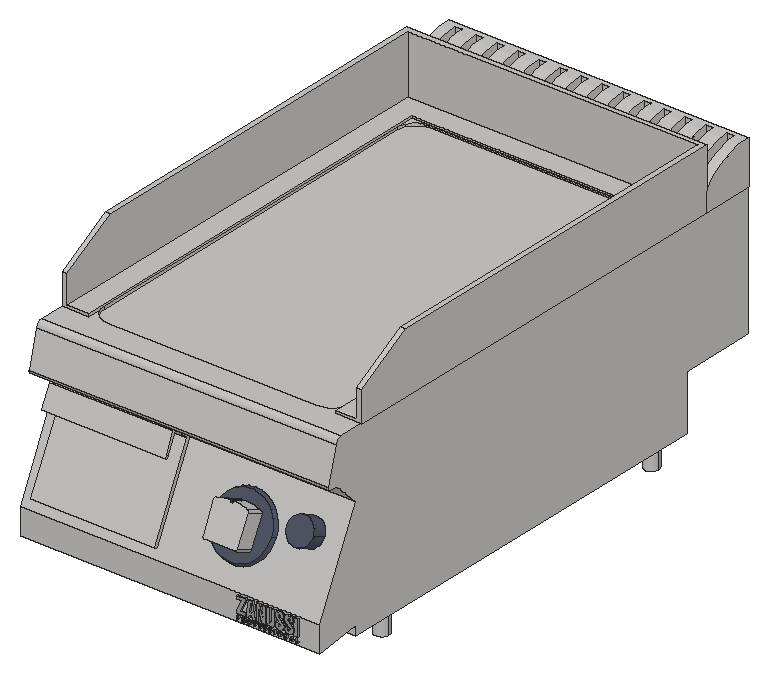
Revit family "QF_ZANUSSI_372320_Z7IIKAAOMCA", category Specialty Equipment, Revit 2018
Family settings
  Round Connector Dimension = Use Diameter
  Part Type = Normal
  Work Plane-Based = No
  Always vertical = Yes
  Cut with Voids When Loaded = No
  Shared = No
  Room Calculation Point = No
Parameters (values of type "Standard")
  Weight = 40.00 kg
  Watts = 0 W
  Volts = 0 V
  URL Manufacturer = "http://www.zanussiprofessional.com"
  URL = "http://www.zanussiprofessional.com"
  Steam Supply Size = 0"
  Steam Supply Minimum Pressure = 0.00 psi
  Steam Supply Maximum Pressure = 0.00 psi
  Steam Pounds per Hour = 0
  Show Logo [instance] = yes
  Show Clearance [instance] = yes
  Refrigeration Suction Line Size = 0"
  Refrigeration Liquid Line Size = 0"
  Refrigerant Compressor Remote = yes
  Phase = 0
  Model = "Z7IIKAAOMCA"
  Manufacturer = "Zanussi"
  Length Actual = 400.00 mm  # constant formula
  Item Number = "372320"
  Hot Water Size = 0"
  Height Actual = 250.00 mm  # constant formula
  HP = "0 HP"
  Gas Size = 1/2"
  Gas KW = 7
  Gas Input Pressure = 0.234579 Btu/h
  Direct Waste Size = 0"
  Description = "GAS FRY TOP-SMOOTH PLATE 400MM-BRUSHED CHROME"
  Depth Actual = 700.00 mm  # constant formula
  Cycle = 0 Hz
  Condensate Return Size = 0"
  Compressed Air Volume = 0 GPM
  Compressed Air Size = 0"
  Compressed Air Pressure = 0.00 psi
  Cold Water Size = 0"
  Assembly Code = ""
  Accessory = yes
Reference planes
  plane 1 "BACK": y = 0
  plane 2: z = 0
  plane 3 "LEFT": x = 0
  plane 4 "RIGHT": x = 400
  plane 5 "FRONT": y = -715
  plane 6 "TOP": z = 288.925
  plane 7 "Center Y": x = 200
  plane 8 "Center X": y = -357.5
  plane 9 "BASE": z = 24
  plane 10 "TOP A": z = 274
  plane 11: y = -597.884
  plane 12: y = -147.637
  plane 13: z = 355
  plane 14: through (-6096, -715, 65.146) normal (0, 0.8956, -0.4448)
  plane 15 "panel": through (-6096, -655.161, 185.641) normal (0, -0.8956, 0.4448)
  plane 16: z = 900
  plane 17 "2": z = 650
  plane 18 "3": z = 900
  plane 19: z = 981
Forms (mm)
  Extrusion 1, solid, material "QF_Finishes_Stainless Steel"
    sketch origin (0, 0, 626) x (0, 1, 0) y (0, 0, 1)
      loop
        line (0, 98) -> (0, 274) -> (-679.358, 274)
        arc (-679.358, 274) -> (-684.643, 271.811) -> (-686.833, 266.526) r 7.474
        line (-686.833, 266.526) -> (-699.884, 221.011)
        arc (-699.884, 221.011) -> (-699.396, 218.379) -> (-697, 217.184) r 3
        line (-697, 217.184) -> (-686.802, 217.184) -> (-654.982, 185.364) -> (-715, 64.508) -> (-715, 29.508) -> (-658.645, 37.428)
        arc (-658.645, 37.428) -> (-656.101, 36.674) -> (-655, 34.259) r 3.2
        line (-655, 34.259) -> (-655, 24) -> (-103, 24) -> (-103, 98) -> (0, 98)
    from 0 to 400
  Extrusion 2, void
    sketch origin (0, -2.381, 900) x (-1, 0, 0) y (0, -1, 0)
      loop
        arc (-60.425, 102.504) -> (-42.464, 109.943) -> (-35.025, 127.904) r 25.4
        line (-35.025, 127.904) -> (-35.025, 617.104)
        arc (-35.025, 617.104) -> (-42.464, 635.064) -> (-60.425, 642.504) r 25.4
        line (-60.425, 642.504) -> (-339.575, 642.504)
        arc (-339.575, 642.504) -> (-357.536, 635.064) -> (-364.975, 617.104) r 25.4
        line (-364.975, 617.104) -> (-364.975, 127.904)
        arc (-364.975, 127.904) -> (-357.536, 109.943) -> (-339.575, 102.504) r 25.4
        line (-339.575, 102.504) -> (-60.425, 102.504)
    from 0 to -3.2
  Extrusion 3, solid, material "QF_Finishes_Stainless Steel"
    sketch origin (0, 0, 626) x (1, 0, 0) y (0, 1, 0)
      loop
        circle (11.112, -147.638) r 9.525
      loop
        circle (11.112, -597.884) r 9.525
      loop
        circle (388.887, -147.638) r 9.525
      loop
        circle (388.887, -597.884) r 9.525
    from 0 to 24
  Extrusion 4, solid, material "QF_Finishes_Clearance", visible <- "Show Clearance", detail levels coarse
    sketch origin (0, 0, 626) x (1, 0, 0) y (0, 1, 0)
      loop
        line (0, -715) -> (0, 0) -> (400, 0) -> (400, -715) -> (550.019, -715) -> (550.019, 150.019) -> (-150.019, 150.019) -> (-150.019, -715) -> (0, -715)
    from 0 to 355
  Extrusion 5, solid, material "QF_Finishes_Stainless Steel"
    sketch origin (0, -14.311, 626) x (0, 1, 0) y (0, 0, 1)
      loop
        line (-640.85, 185.828) -> (-659.988, 204.966)
        arc (-659.988, 204.966) -> (-664.455, 206.368) -> (-668.159, 203.504) r 5.058
        line (-668.159, 203.504) -> (-680.821, 175.994) -> (-677.937, 174.666) -> (-665.275, 202.176)
        arc (-665.275, 202.176) -> (-663.896, 203.243) -> (-662.233, 202.721) r 1.883
        line (-662.233, 202.721) -> (-644.727, 185.215) -> (-698.248, 77.444) -> (-695.339, 76.105) -> (-640.85, 185.828)
    from 12.7 to 177.8
  Extrusion 6, solid, material "QF_Finishes_Drawer Clearance", visible <- "Show Clearance", detail levels coarse
    sketch origin (0, -115.911, 626) x (0, 1, 0) y (0, 0, 1)
      loop
        line (-662.903, 76.105) -> (-593.739, 76.105) -> (-539.25, 185.828) -> (-558.388, 204.966)
        arc (-558.388, 204.966) -> (-560.449, 206.215) -> (-562.855, 206.368) r 5.058
        line (-562.855, 206.368) -> (-632.019, 206.368)
        arc (-632.019, 206.368) -> (-634.222, 205.39) -> (-635.723, 203.504) r 5.058
        line (-635.723, 203.504) -> (-648.385, 175.994) -> (-645.501, 174.666) -> (-632.839, 202.176)
        arc (-632.839, 202.176) -> (-631.46, 203.243) -> (-629.796, 202.721) r 1.883
        line (-629.796, 202.721) -> (-612.291, 185.215) -> (-665.811, 77.444) -> (-662.903, 76.105)
    from 12.7 to 177.8
  Extrusion 7, solid, material "QF_Finishes_Stainless Steel"
    sketch origin (0, 0, 626) x (0, 1, 0) y (0, 0, 1)
      loop
        line (0, 274) -> (0, 333.13)
        arc (0, 333.13) -> (-38.824, 324.814) -> (-69.85, 300.038) r 86.548
        line (-69.85, 300.038) -> (-69.85, 274) -> (0, 274)
    from 0 to 400.05
  Extrusion 8, void
    sketch origin (0, 0, 900.638) x (-1, 0, 0) y (0, -1, 0)
      loop
        line (-13.453, 6.761) -> (-13.453, 63.911) -> (-22.749, 63.911) -> (-22.749, 6.761) -> (-13.453, 6.761)
    from 25.4 to 63.5
  Extrusion 9, void
    sketch origin (400.05, 0, 900.638) x (1, 0, 0) y (0, 1, 0)
      loop
        line (-13.503, -6.761) -> (-22.799, -6.761) -> (-22.799, -63.911) -> (-13.503, -63.911) -> (-13.503, -6.761)
    from 25.4 to 63.5
  Extrusion 10, void
    sketch origin (27.988, 0, 900.638) x (-1, 0, 0) y (0, -1, 0)
      loop
        line (-13.453, 6.761) -> (-13.453, 63.911) -> (-22.749, 63.911) -> (-22.749, 6.761) -> (-13.453, 6.761)
    from 25.4 to 63.5
  Extrusion 11, void
    sketch origin (55.977, 0, 900.638) x (-1, 0, 0) y (0, -1, 0)
      loop
        line (-13.453, 6.761) -> (-13.453, 63.911) -> (-22.749, 63.911) -> (-22.749, 6.761) -> (-13.453, 6.761)
    from 25.4 to 63.5
  Extrusion 12, void
    sketch origin (83.965, 0, 900.638) x (-1, 0, 0) y (0, -1, 0)
      loop
        line (-13.428, 6.761) -> (-13.428, 63.911) -> (-22.724, 63.911) -> (-22.724, 6.761) -> (-13.428, 6.761)
    from 25.4 to 63.5
  Extrusion 13, void
    sketch origin (111.953, 0, 900.638) x (-1, 0, 0) y (0, -1, 0)
      loop
        line (-13.428, 6.761) -> (-13.428, 63.911) -> (-22.724, 63.911) -> (-22.724, 6.761) -> (-13.428, 6.761)
    from 25.4 to 63.5
  Extrusion 14, void
    sketch origin (139.942, 0, 900.638) x (-1, 0, 0) y (0, -1, 0)
      loop
        line (-13.428, 6.761) -> (-13.428, 63.911) -> (-22.724, 63.911) -> (-22.724, 6.761) -> (-13.428, 6.761)
    from 25.4 to 63.5
  Extrusion 15, void
    sketch origin (167.93, 0, 900.638) x (-1, 0, 0) y (0, -1, 0)
      loop
        line (-13.428, 6.761) -> (-13.428, 63.911) -> (-22.724, 63.911) -> (-22.724, 6.761) -> (-13.428, 6.761)
    from 25.4 to 63.5
  Extrusion 16, void
    sketch origin (195.918, 0, 900.638) x (-1, 0, 0) y (0, -1, 0)
      loop
        line (-13.428, 6.761) -> (-13.428, 63.911) -> (-22.724, 63.911) -> (-22.724, 6.761) -> (-13.428, 6.761)
    from 25.4 to 63.5
  Extrusion 17, void
    sketch origin (223.907, 0, 900.638) x (-1, 0, 0) y (0, -1, 0)
      loop
        line (-13.428, 6.761) -> (-13.428, 63.911) -> (-22.724, 63.911) -> (-22.724, 6.761) -> (-13.428, 6.761)
    from 25.4 to 63.5
  Extrusion 18, void
    sketch origin (251.895, 0, 900.638) x (-1, 0, 0) y (0, -1, 0)
      loop
        line (-13.428, 6.761) -> (-13.428, 63.911) -> (-22.724, 63.911) -> (-22.724, 6.761) -> (-13.428, 6.761)
    from 25.4 to 63.5
  Extrusion 19, void
    sketch origin (279.884, 0, 900.638) x (-1, 0, 0) y (0, -1, 0)
      loop
        line (-13.403, 6.761) -> (-13.403, 63.911) -> (-22.699, 63.911) -> (-22.699, 6.761) -> (-13.403, 6.761)
    from 25.4 to 63.5
  Extrusion 20, void
    sketch origin (307.872, 0, 900.638) x (-1, 0, 0) y (0, -1, 0)
      loop
        line (-13.403, 6.761) -> (-13.403, 63.911) -> (-22.699, 63.911) -> (-22.699, 6.761) -> (-13.403, 6.761)
    from 25.4 to 63.5
  Extrusion 21, void
    sketch origin (335.86, 0, 900.638) x (-1, 0, 0) y (0, -1, 0)
      loop
        line (-13.403, 6.761) -> (-13.403, 63.911) -> (-22.699, 63.911) -> (-22.699, 6.761) -> (-13.403, 6.761)
    from 25.4 to 63.5
  Sweep 22, solid, material "QF_Finishes_Stainless Steel"
    path origin (0, -2.381, 900) x (-1, 0, 0) y (0, -1, 0)
      loop
        line (-364.975, 642.504) -> (-364.975, 102.504) -> (-35.025, 102.504) -> (-35.025, 642.504)
    profile origin (35.025, -374.885, 900) x (1, 0, 0) y (0, 0, 1)
      loop
        line (-35.025, 0) -> (0, 0) -> (0, 3.175) -> (-28.675, 3.175) -> (-28.675, 81) -> (-35.025, 81) -> (-35.025, 0)
  Extrusion 23, void
    sketch origin (0, -69.86, 900) x (0, 1, 0) y (0, 0, 1)
      loop
        line (-575.025, 40.481) -> (-501.995, 81) -> (-575.025, 81) -> (-575.025, 40.481)
    from 0 to 6.35
  Extrusion 24, void
    sketch origin (400, -644.885, 900) x (0, -1, 0) y (0, 0, 1)
      loop
        line (0, 40.481) -> (0, 81) -> (-73.03, 81) -> (0, 40.481)
    from 0 to 6.35
  Extrusion 25, solid, material "QF_Plastic-Black-Matte"
    sketch origin (217.55, -684.991, 751.574) x (0, 0.444781, 0.895639) y (0, 0.895639, -0.444781)
      loop
        line (26.984, -34) -> (23.984, -34) -> (23.984, -35) -> (26.984, -35)
        arc (26.984, -35) -> (27.691, -34.707) -> (27.984, -34) r 1
        line (27.984, -34) -> (27.984, -19) -> (26.984, -19) -> (26.984, -34)
    from -58.5 to -56.5
  Extrusion 26, solid, material "QF_Finishes_Stainless Steel"
    sketch origin (275.05, -684.991, 751.574) x (-1, 0, 0) y (0, -0.444781, -0.895639)
      loop
        line (17.55, -17.5) -> (17.55, 17.5) -> (-17.45, 17.5) -> (-17.45, -17.5) -> (17.55, -17.5)
    from 5 to 10
  Blend 27, solid, material "QF_Finishes_Navy Blue"
    base sketch origin (275.05, -684.991, 751.574) x (1, 0, 0) y (0, 0.444781, 0.895639)
      loop
        circle (-0.05, 0) r 42.5
    top sketch origin (275.05, -684.991, 751.574) x (1, 0, 0) y (0, 0.444781, 0.895639)
      loop
        circle (-0.05, 0) r 40.5
    from 0 to 5
  Extrusion 28, solid, material "QF_Finishes_Stainless Steel"
    sketch origin (275.05, -684.991, 751.574) x (-1, 0, 0) y (0, -0.444781, -0.895639)
      loop
        arc (-21.097, -22.789) -> (0.05, -26.984) -> (21.197, -22.789) r 55.4
        arc (21.197, -22.789) -> (22.544, -21.685) -> (23.05, -20.019) r 2.997
        line (23.05, -20.019) -> (23.05, 20.019)
        arc (23.05, 20.019) -> (22.172, 22.138) -> (20.053, 23.016) r 2.997
        line (20.053, 23.016) -> (-19.953, 23.016)
        arc (-19.953, 23.016) -> (-22.072, 22.138) -> (-22.95, 20.019) r 2.997
        line (-22.95, 20.019) -> (-22.95, -20.019)
        arc (-22.95, -20.019) -> (-22.444, -21.685) -> (-21.097, -22.789) r 2.997
    from 10 to 34
  Extrusion 29, solid, material "QF_Finishes_Navy Blue"
    sketch origin (414.051, -676.095, 769.486) x (1, 0, 0) y (0, 0.444781, 0.895639)
      loop
        circle (-55.051, 0) r 18
    from 3 to 23
  Extrusion 30, solid, material "QF_Finishes_Stainless Steel"
    sketch origin (275.05, -676.095, 769.486) x (1, 0, 0) y (0, 0.444781, 0.895639)
      loop
        circle (83.95, 0) r 15
    from 3 to 0
  Extrusion 31, solid, material "QF_Finishes_Stainless Steel"
    sketch origin (0, -101.6, 727.6) x (0, 0, -1) y (-1, 0, 0)
      loop
        circle (43.694, -347.613) r 6.35
    from -1.4 to 3.175
Cuts and joins
  Extrusion 2 cuts Extrusion 1
  Extrusion 8, Extrusion 9, Extrusion 10, Extrusion 11, Extrusion 12, Extrusion 13, Extrusion 14, Extrusion 15, Extrusion 16, Extrusion 17, Extrusion 18, Extrusion 19, Extrusion 20, Extrusion 21, Extrusion 24 cuts Extrusion 7
  Extrusion 23 cuts Extrusion 4
  Extrusion 23, Extrusion 24 cuts Sweep 22
Lines and regions (mm)
  Split face 1
    outline origin (280.951, -689.469, 753.797) x (1, 0, 0) y (0, 0.444781, 0.895639)
      loop
        line (-8.901, 38.561) -> (-8.901, 28.561) -> (-2.901, 28.561) -> (-2.901, 38.561) -> (-8.901, 38.561)
  Split face 2
    outline origin (280.951, -689.469, 753.797) x (1, 0, 0) y (0, 0.444781, 0.895639)
      loop
        line (-8.401, 38.061) -> (-8.401, 29.061) -> (-3.401, 29.061) -> (-3.401, 38.061) -> (-8.401, 38.061)
  Split face 3
    outline origin (280.951, -689.469, 753.797) x (1, 0, 0) y (0, 0.444781, 0.895639)
      loop
        line (-8.401, 33.561) -> (-3.401, 33.561)
  Split face 4
    outline origin (280.951, -689.469, 753.797) x (1, 0, 0) y (0, 0.444781, 0.895639)
      loop
        line (-8.401, 33.061) -> (-3.401, 33.061)
  Split face 5
    outline origin (280.951, -689.469, 753.797) x (1, 0, 0) y (0, 0.444781, 0.895639)
      loop
        circle (-5.901, 35.811) r 2.031
  Split face 6
    outline origin (275.05, -689.469, 753.797) x (1, 0, 0) y (0, 0.444781, 0.895639)
      loop
        circle (-24.487, 26.694) r 3.497
  Split face 7
    outline origin (275.05, -689.469, 753.797) x (1, 0, 0) y (0, 0.444781, 0.895639)
      loop
        circle (-33, 0) r 3
  Split face 8
    outline origin (275.05, -689.469, 753.797) x (1, 0, 0) y (0, 0.444781, 0.895639)
      loop
        circle (-17.8, -29.371) r 1.5
  symbolic lines, style "QF-Clearances", visible <- "Show Clearance", detail levels coarse
    curve 1: line (-150.019, 150.019, 274) -> (-150.019, -715, 274)
    curve 2: line (550.019, 150.019, 274) -> (-150.019, 150.019, 274)
    curve 3: line (550.019, -716.377, 274) -> (550.019, 150.019, 274)
  symbolic lines
    curve 4: line (0, 0, 274) -> (400, 0, 274)
    curve 5: line (0, -715, 274) -> (0, 0, 274)
    curve 6: line (400, 0, 274) -> (400, -715, 274)
    curve 7: line (35.025, -130.285, 274) -> (35.025, -644.885, 274)
    curve 8: arc (35.025, -619.485, 274) -> (42.464, -637.445, 274) -> (60.425, -644.885, 274) r 25.4
    curve 9: line (0, -644.885, 274) -> (35.025, -644.885, 274)
    curve 10: arc (339.575, -644.885, 274) -> (357.536, -637.445, 274) -> (364.975, -619.485, 274) r 25.4
    curve 11: line (364.975, -644.885, 274) -> (364.975, -130.285, 274)
    curve 12: line (339.575, -104.885, 274) -> (60.425, -104.885, 274)
    curve 13: line (0, -69.85, 274) -> (400, -69.85, 274)
    curve 14: arc (60.425, -104.885, 274) -> (42.464, -112.324, 274) -> (35.025, -130.285, 274) r 25.4
    curve 15: arc (339.575, -104.885, 274) -> (357.536, -112.324, 274) -> (364.975, -130.285, 274) r 25.4
    curve 16: line (6.35, -76.21, 274) -> (6.35, -644.885, 274)
    curve 17: line (6.35, -76.21, 274) -> (393.65, -76.21, 274)
    curve 18: line (393.65, -76.21, 274) -> (393.65, -644.885, 274)
    curve 19: line (13.428, -6.761, 274) -> (22.724, -6.761, 274)
    curve 20: line (13.428, -63.911, 274) -> (13.428, -6.761, 274)
    curve 21: line (22.724, -63.911, 274) -> (13.428, -63.911, 274)
    curve 22: line (22.724, -6.761, 274) -> (22.724, -63.911, 274)
    curve 23: line (41.416, -6.761, 274) -> (50.712, -6.761, 274)
    curve 24: line (41.416, -63.911, 274) -> (41.416, -6.761, 274)
    curve 25: line (50.712, -63.911, 274) -> (41.416, -63.911, 274)
    curve 26: line (50.712, -6.761, 274) -> (50.712, -63.911, 274)
    curve 27: line (69.405, -6.761, 274) -> (78.7, -6.761, 274)
    curve 28: line (69.405, -63.911, 274) -> (69.405, -6.761, 274)
    curve 29: line (78.7, -63.911, 274) -> (69.405, -63.911, 274)
    curve 30: line (78.7, -6.761, 274) -> (78.7, -63.911, 274)
    curve 31: line (97.393, -6.761, 274) -> (106.689, -6.761, 274)
    curve 32: line (97.393, -63.911, 274) -> (97.393, -6.761, 274)
    curve 33: line (106.689, -63.911, 274) -> (97.393, -63.911, 274)
    curve 34: line (106.689, -6.761, 274) -> (106.689, -63.911, 274)
    curve 35: line (125.381, -6.761, 274) -> (134.677, -6.761, 274)
    curve 36: line (125.381, -63.911, 274) -> (125.381, -6.761, 274)
    curve 37: line (134.677, -63.911, 274) -> (125.381, -63.911, 274)
    curve 38: line (134.677, -6.761, 274) -> (134.677, -63.911, 274)
    curve 39: line (153.37, -6.761, 274) -> (162.665, -6.761, 274)
    curve 40: line (153.37, -63.911, 274) -> (153.37, -6.761, 274)
    curve 41: line (162.665, -63.911, 274) -> (153.37, -63.911, 274)
    curve 42: line (162.665, -6.761, 274) -> (162.665, -63.911, 274)
    curve 43: line (181.358, -6.761, 274) -> (190.654, -6.761, 274)
    curve 44: line (181.358, -63.911, 274) -> (181.358, -6.761, 274)
    curve 45: line (190.654, -63.911, 274) -> (181.358, -63.911, 274)
    curve 46: line (190.654, -6.761, 274) -> (190.654, -63.911, 274)
    curve 47: line (209.346, -6.761, 274) -> (218.642, -6.761, 274)
    curve 48: line (209.346, -63.911, 274) -> (209.346, -6.761, 274)
    curve 49: line (218.642, -63.911, 274) -> (209.346, -63.911, 274)
    curve 50: line (218.642, -6.761, 274) -> (218.642, -63.911, 274)
    curve 51: line (237.31, -6.761, 274) -> (246.605, -6.761, 274)
    curve 52: line (237.31, -63.911, 274) -> (237.31, -6.761, 274)
    curve 53: line (246.605, -63.911, 274) -> (237.31, -63.911, 274)
    curve 54: line (246.605, -6.761, 274) -> (246.605, -63.911, 274)
    curve 55: line (265.298, -6.761, 274) -> (274.594, -6.761, 274)
    curve 56: line (265.298, -63.911, 274) -> (265.298, -6.761, 274)
    curve 57: line (274.594, -63.911, 274) -> (265.298, -63.911, 274)
    curve 58: line (274.594, -6.761, 274) -> (274.594, -63.911, 274)
    curve 59: line (293.286, -6.761, 274) -> (302.582, -6.761, 274)
    curve 60: line (293.286, -63.911, 274) -> (293.286, -6.761, 274)
    curve 61: line (302.582, -63.911, 274) -> (293.286, -63.911, 274)
    curve 62: line (302.582, -6.761, 274) -> (302.582, -63.911, 274)
    curve 63: line (321.275, -6.761, 274) -> (330.57, -6.761, 274)
    curve 64: line (321.275, -63.911, 274) -> (321.275, -6.761, 274)
    curve 65: line (330.57, -63.911, 274) -> (321.275, -63.911, 274)
    curve 66: line (330.57, -6.761, 274) -> (330.57, -63.911, 274)
    curve 67: line (349.263, -6.761, 274) -> (358.559, -6.761, 274)
    curve 68: line (349.263, -63.911, 274) -> (349.263, -6.761, 274)
    curve 69: line (358.559, -63.911, 274) -> (349.263, -63.911, 274)
    curve 70: line (358.559, -6.761, 274) -> (358.559, -63.911, 274)
    curve 71: line (377.251, -6.761, 274) -> (386.547, -6.761, 274)
    curve 72: line (377.251, -63.911, 274) -> (377.251, -6.761, 274)
    curve 73: line (386.547, -63.911, 274) -> (377.251, -63.911, 274)
    curve 74: line (386.547, -6.761, 274) -> (386.547, -63.911, 274)
    curve 75: line (364.975, -644.885, 274) -> (400, -644.885, 274)
    curve 76: line (60.425, -644.885, 274) -> (339.575, -644.885, 274)
    curve 80: line (0.05, -700, 0) -> (400, -700, 0)
    curve 81: line (298.025, -700, 0) -> (298.025, -724.347, 0)
    curve 82: arc (298.025, -724.347, 0) -> (297.879, -724.811, 0) -> (297.493, -725.107, 0) r 0.809
    curve 83: arc (297.493, -725.107, 0) -> (296.305, -725.587, 0) -> (295.028, -725.68, 0) r 4.127
    curve 84: arc (298.025, -704.292, 0) -> (303.066, -702.458, 0) -> (307.834, -700, 0) r 42.24
    curve 85: arc (298.025, -706.539, 0) -> (297.523, -705.818, 0) -> (296.726, -705.448, 0) r 1.682
    curve 86: arc (296.726, -705.448, 0) -> (286.423, -703.95, 0) -> (276.025, -703.441, 0) r 109.079
    curve 87: line (276.025, -700, 0) -> (276.025, -705.671, 0)
    curve 88: line (276.025, -705.671, 0) -> (274.025, -705.671, 0)
    curve 89: line (274.025, -705.671, 0) -> (274.025, -700, 0)
    curve 90: line (252.025, -700, 0) -> (252.025, -724.347, 0)
    curve 91: arc (252.025, -724.347, 0) -> (252.171, -724.811, 0) -> (252.557, -725.107, 0) r 0.809
    curve 92: arc (252.557, -725.107, 0) -> (253.745, -725.587, 0) -> (255.022, -725.68, 0) r 4.127
    curve 93: arc (252.025, -704.292, 0) -> (246.984, -702.458, 0) -> (242.216, -700, 0) r 42.24
    curve 94: arc (252.025, -706.539, 0) -> (252.527, -705.818, 0) -> (253.324, -705.448, 0) r 1.682
    curve 95: arc (253.324, -705.448, 0) -> (263.627, -703.95, 0) -> (274.025, -703.441, 0) r 109.079
    curve 96: line (295.028, -725.68, 0) -> (255.022, -725.68, 0)
    curve 97: line (0, -715, 0) -> (252.025, -715, 0)
    curve 98: line (298.025, -715, 0) -> (400, -715, 0)
    curve 99: spline (342.63, -700, 0) -> (344.338, -701.323, 0) -> (346.579, -702.479, 0) -> (349.272, -703.424, 0) -> (352.319, -704.125, 0) -> (355.61, -704.556, 0) -> (359.025, -704.701, 0) -> (362.44, -704.556, 0) -> (365.731, -704.125, 0) -> (368.778, -703.424, 0) -> (371.471, -702.479, 0) -> (373.712, -701.323, 0) -> (375.42, -700, 0)
    curve 100: line (12.7, -715, 0) -> (12.7, -700, 0)
    curve 101: line (177.775, -715, 0) -> (177.775, -700, 0)
  symbolic lines, style "QF_Drawer Clearance"
    curve 77: line (12.7, -715, 0) -> (12.7, -767.387, 0)
    curve 78: line (12.7, -767.388, 0) -> (177.775, -767.388, 0)
    curve 79: line (177.775, -767.388, 0) -> (177.775, -715, 0)
Dimensions and locks
  equal spacing: plane 3 "LEFT", plane 7 "Center Y", plane 4 "RIGHT"
  plane 3 "LEFT" to plane 4 "RIGHT" = 400.00 mm
  equal spacing: plane 5 "FRONT", plane 8 "Center X", plane 1 "BACK"
  plane 5 "FRONT" to plane 1 "BACK" = 715.00 mm
  plane 1 "BACK" to plane 5 "FRONT" = 715.00 mm
  plane 9 "BASE" to level = 24.00 mm  (x2)
  plane 10 "TOP A" to plane 9 "BASE" = 250.00 mm  (x2)
  plane 13 to level = 355.00 mm
  plane 16 to level = 900.00 mm
  aligned and locked: level to plane 2
  aligned and locked: plane 17 "2" to Extrusion 3
  aligned and locked: Extrusion 4 to plane 19
Automatic sketch dimensions
  curve 97 to plane 3 "LEFT" = 0.00 mm
  plane 5 "FRONT" to curve 100 = 0.00 mm
  plane 5 "FRONT" to curve 98 = 0.00 mm
  curve 80 to plane 4 "RIGHT" = 0.00 mm
  curve 98 to plane 4 "RIGHT" = 0.00 mm
  plane 3 "LEFT" to curve 78 = 12.70 mm
  curve 79 to plane 7 "Center Y" = 22.225 mm
  plane 5 "FRONT" to curve 90 = 9.347 mm
  plane 7 "Center Y" to curve 90 = 52.025 mm
  curve 90 to curve 91 = 0.809 mm
  curve 94 to curve 94 = 1.583 mm
  curve 91 to curve 92 = 1.846 mm
  curve 91 to curve 96 = 2.189 mm
  curve 90 to curve 93 = 11.892 mm
  curve 89 to plane 5 "FRONT" = 9.329 mm
  curve 94 to curve 89 = 20.417 mm
  plane 7 "Center Y" to curve 95 = 74.156 mm
  curve 95 to curve 86 = 1.738 mm
  curve 88 to curve 88 = 2.00 mm
  curve 93 to curve 84 = 22.215 mm
  curve 87 to curve 96 = 19.003 mm
  curve 96 to curve 83 = 0.343 mm
  curve 83 to curve 85 = 1.071 mm
  curve 96 to curve 82 = 2.189 mm
  curve 82 to curve 81 = 0.809 mm
  plane 5 "FRONT" to curve 96 = 10.68 mm
  curve 77 to curve 77 = 52.388 mm
  curve 86 to curve 83 = 86.839 mm
  curve 95 to curve 86 = 0.00 mm
  curve 96 to curve 81 = 1.333 mm
  curve 82 to curve 83 = 2.779 mm
  curve 91 to curve 92 = 2.779 mm
  curve 85 to plane 5 "FRONT" = 7.894 mm
  curve 94 to plane 5 "FRONT" = 7.894 mm
  curve 87 to curve 84 = 41.91 mm
  curve 93 to curve 84 = 0.00 mm
  plane 3 "LEFT" to curve 80 = 0.05 mm
  curve 100 to curve 77 = 0.00 mm
  curve 101 to curve 79 = 0.00 mm
  curve 93 to curve 90 = 9.809 mm
  curve 95 to curve 94 = 0.284 mm
  curve 85 to curve 86 = 0.284 mm
  curve 81 to curve 84 = 9.809 mm
  curve 84 to curve 99 = 34.796 mm
  curve 99 to curve 99 = 16.395 mm
  curve 99 to curve 99 = 1.605 mm
  curve 85 to curve 85 = 0.567 mm
  curve 94 to curve 94 = 0.567 mm
  curve 95 to curve 93 = 1.156 mm
  curve 99 to curve 99 = 3.305 mm
  curve 6 to plane 4 "RIGHT" = 0.00 mm
  plane 1 "BACK" to curve 5 = 0.00 mm
  curve 5 to plane 3 "LEFT" = 0.00 mm
  plane 5 "FRONT" to curve 1 = 0.00 mm
  plane 5 "FRONT" to curve 5 = 0.00 mm
  plane 5 "FRONT" to curve 6 = 0.00 mm
  plane 4 "RIGHT" to curve 3 = 150.019 mm
  curve 17 to plane 4 "RIGHT" = 6.35 mm
  curve 74 to plane 4 "RIGHT" = 13.453 mm
  curve 73 to curve 72 = 9.296 mm
  curve 18 to curve 11 = 28.675 mm
  plane 1 "BACK" to curve 67 = 6.761 mm
  curve 71 to curve 67 = 18.693 mm
  curve 69 to curve 68 = 9.296 mm
  curve 11 to curve 15 = 25.40 mm
  curve 11 to curve 76 = 25.40 mm
  curve 68 to curve 66 = 18.693 mm
  curve 65 to curve 64 = 9.296 mm
  curve 64 to curve 62 = 18.693 mm
  curve 61 to curve 60 = 9.296 mm
  curve 60 to curve 58 = 18.693 mm
  curve 57 to curve 56 = 9.296 mm
  curve 56 to curve 54 = 18.693 mm
  curve 53 to curve 52 = 9.296 mm
  plane 7 "Center Y" to curve 50 = 18.642 mm
  curve 47 to curve 48 = 9.296 mm
  curve 46 to plane 7 "Center Y" = 9.346 mm
  curve 45 to curve 45 = 9.296 mm
  curve 44 to curve 42 = 18.693 mm
  curve 41 to curve 40 = 9.296 mm
  plane 1 "BACK" to curve 38 = 6.761 mm
  curve 39 to curve 38 = 18.693 mm
  curve 35 to curve 36 = 9.296 mm
  curve 36 to curve 34 = 18.693 mm
  curve 33 to curve 32 = 9.296 mm
  curve 32 to curve 30 = 18.693 mm
  curve 29 to curve 28 = 9.296 mm
  curve 14 to plane 12 = 17.353 mm
  plane 3 "LEFT" to curve 14 = 60.425 mm
  plane 11 to curve 8 = 21.60 mm
  plane 3 "LEFT" to curve 8 = 60.425 mm
  plane 1 "BACK" to curve 23 = 6.761 mm
  curve 27 to curve 23 = 18.693 mm
  curve 23 to curve 23 = 9.296 mm
  curve 76 to curve 7 = 25.40 mm
  plane 1 "BACK" to curve 22 = 6.761 mm
  curve 23 to curve 22 = 18.693 mm
  curve 19 to curve 20 = 9.296 mm
  plane 3 "LEFT" to curve 17 = 6.35 mm
  curve 2 to plane 3 "LEFT" = 150.019 mm
  curve 2 to plane 1 "BACK" = 150.019 mm
  plane 1 "BACK" to curve 71 = 6.761 mm
  plane 1 "BACK" to curve 66 = 6.761 mm
  plane 1 "BACK" to curve 62 = 6.761 mm
  plane 1 "BACK" to curve 58 = 6.761 mm
  plane 1 "BACK" to curve 54 = 6.761 mm
  plane 1 "BACK" to curve 50 = 6.761 mm
  plane 1 "BACK" to curve 46 = 6.761 mm
  plane 1 "BACK" to curve 42 = 6.761 mm
  plane 1 "BACK" to curve 27 = 6.761 mm
  plane 1 "BACK" to curve 34 = 6.761 mm
  curve 30 to curve 12 = 40.974 mm
  curve 29 to curve 32 = 0.00 mm
  curve 26 to curve 28 = 0.00 mm
  curve 33 to curve 36 = 0.00 mm
  curve 22 to curve 24 = 0.00 mm
  curve 37 to curve 40 = 0.00 mm
  curve 71 to curve 74 = 57.15 mm
  curve 68 to curve 72 = 0.00 mm
  curve 41 to curve 44 = 0.00 mm
  curve 65 to curve 68 = 0.00 mm
  curve 45 to curve 48 = 0.00 mm
  curve 62 to curve 64 = 0.00 mm
  curve 49 to curve 52 = 0.00 mm
  curve 53 to curve 56 = 0.00 mm
  curve 20 to curve 17 = 12.299 mm
  curve 9 to curve 76 = 0.00 mm
  curve 10 to curve 75 = 25.40 mm
  curve 13 to curve 16 = 6.36 mm
  plane 5 "FRONT" to curve 3 = 1.377 mm
  Extrusion 1 sketch curve to plane 5 "FRONT" = 0.00 mm
  Extrusion 1 sketch curve to plane 16 = 0.00 mm
  Extrusion 1 sketch curve to plane 17 "2" = 0.00 mm
  Extrusion 1 sketch curve to plane 1 "BACK" = 0.00 mm
  Extrusion 1 sketch curve to plane 5 "FRONT" = 15.116 mm
  Extrusion 1 sketch curve to Extrusion 1 sketch curve = 2.884 mm
  Extrusion 1 sketch curve to plane 16 = 7.474 mm
  Extrusion 1 sketch curve to plane 5 "FRONT" = 28.167 mm
  Extrusion 1 sketch curve to Extrusion 1 sketch curve = 10.198 mm
  plane 17 "2" to Extrusion 1 sketch curve = 13.428 mm
  Extrusion 1 sketch curve to plane 5 "FRONT" = 56.355 mm
  Extrusion 1 sketch curve to Extrusion 1 sketch curve = 0.445 mm
  Extrusion 1 sketch curve to Extrusion 1 sketch curve = 3.20 mm
  Extrusion 1 sketch curve to Extrusion 1 sketch curve = 31.82 mm
  Extrusion 1 sketch curve to plane 12 = 44.638 mm
  plane 17 "2" to Extrusion 1 sketch curve = 5.508 mm
  Extrusion 1 sketch curve to Extrusion 1 sketch curve = 35.00 mm
  Extrusion 1 sketch curve to Extrusion 1 sketch curve = 74.00 mm
  Extrusion 1 sketch curve to Extrusion 1 sketch curve = 81.162 mm
  Extrusion 1 sketch curve to Extrusion 1 sketch curve = 49.342 mm
  Extrusion 1 sketch curve to Extrusion 1 sketch curve = 3.00 mm
  Extrusion 2 sketch curve to plane 4 "RIGHT" = 35.025 mm
  Extrusion 2 sketch curve to Extrusion 2 sketch curve = 25.40 mm  (x3)
  Extrusion 2 sketch curve to plane 12 = 17.353 mm
  plane 3 "LEFT" to Extrusion 2 sketch curve = 60.425 mm  (x2)
  plane 11 to Extrusion 2 sketch curve = 21.60 mm
  plane 11 to Extrusion 3 sketch curve = 0.00 mm  (x2)
  plane 12 to Extrusion 3 sketch curve = 0.00 mm  (x2)
  plane 3 "LEFT" to Extrusion 3 sketch curve = 11.112 mm  (x2)
  Extrusion 3 sketch curve to plane 4 "RIGHT" = 11.113 mm  (x2)
  plane 5 "FRONT" to Extrusion 4 sketch curve = 0.00 mm  (x2)
  plane 1 "BACK" to Extrusion 4 sketch curve = 0.00 mm
  Extrusion 4 sketch curve to plane 3 "LEFT" = 0.00 mm
  Extrusion 4 sketch curve to plane 4 "RIGHT" = 0.00 mm
  Extrusion 4 sketch curve to plane 3 "LEFT" = 150.019 mm
  Extrusion 4 sketch curve to Extrusion 4 sketch curve = 150.019 mm
  Extrusion 4 sketch curve to plane 1 "BACK" = 150.019 mm
  Extrusion 5 sketch curve to Extrusion 5 sketch curve = 0.00 mm  (x2)
  Extrusion 5 sketch curve to plane 5 "FRONT" = 2.441 mm
  Extrusion 5 sketch curve to Extrusion 5 sketch curve = 2.908 mm
  Extrusion 5 sketch curve to plane 5 "FRONT" = 19.868 mm
  Extrusion 5 sketch curve to Extrusion 5 sketch curve = 2.884 mm  (x2)
  Extrusion 5 sketch curve to Extrusion 5 sketch curve = 12.662 mm
  Extrusion 5 sketch curve to Extrusion 5 sketch curve = 1.711 mm
  Extrusion 5 sketch curve to Extrusion 5 sketch curve = 1.332 mm
  Extrusion 5 sketch curve to Extrusion 5 sketch curve = 2.245 mm
  Extrusion 5 sketch curve to Extrusion 5 sketch curve = 17.505 mm
  Extrusion 5 sketch curve to Extrusion 5 sketch curve = 3.877 mm
  plane 17 "2" to Extrusion 5 sketch curve = 52.105 mm
  Extrusion 5 sketch curve to Extrusion 5 sketch curve = 1.339 mm
  Extrusion 5 sketch curve to Extrusion 5 sketch curve = 97.223 mm
  Extrusion 5 sketch curve to Extrusion 5 sketch curve = 1.327 mm
  Extrusion 5 sketch curve to Extrusion 5 sketch curve = 16.961 mm
  Extrusion 5 sketch curve to Extrusion 5 sketch curve = 0.613 mm
  Extrusion 5 sketch curve to Extrusion 5 sketch curve = 0.787 mm
  Extrusion 6 sketch curve to Extrusion 6 sketch curve = 0.00 mm  (x2)
  plane 5 "FRONT" to Extrusion 6 sketch curve = 66.723 mm
  Extrusion 6 sketch curve to Extrusion 6 sketch curve = 2.908 mm
  plane 5 "FRONT" to Extrusion 6 sketch curve = 49.296 mm
  Extrusion 6 sketch curve to Extrusion 6 sketch curve = 2.884 mm  (x2)
  Extrusion 6 sketch curve to Extrusion 6 sketch curve = 12.662 mm
  Extrusion 6 sketch curve to Extrusion 6 sketch curve = 0.82 mm
  Extrusion 6 sketch curve to Extrusion 6 sketch curve = 1.711 mm
  Extrusion 6 sketch curve to Extrusion 6 sketch curve = 1.332 mm
  plane 5 "FRONT" to Extrusion 6 sketch curve = 13.202 mm
  Extrusion 6 sketch curve to plane 5 "FRONT" = 5.349 mm
  Extrusion 6 sketch curve to plane 5 "FRONT" = 36.234 mm
  Extrusion 6 sketch curve to Extrusion 6 sketch curve = 0.891 mm
  Extrusion 6 sketch curve to Extrusion 6 sketch curve = 4.467 mm
  Extrusion 6 sketch curve to Extrusion 6 sketch curve = 19.137 mm
  plane 17 "2" to Extrusion 6 sketch curve = 52.105 mm
  Extrusion 6 sketch curve to Extrusion 6 sketch curve = 1.339 mm
  Extrusion 6 sketch curve to Extrusion 6 sketch curve = 97.223 mm
  Extrusion 6 sketch curve to Extrusion 6 sketch curve = 1.327 mm
  Extrusion 6 sketch curve to Extrusion 6 sketch curve = 16.961 mm
  Extrusion 6 sketch curve to Extrusion 6 sketch curve = 0.613 mm
  Extrusion 6 sketch curve to Extrusion 6 sketch curve = 0.787 mm
  Extrusion 6 sketch curve to Extrusion 6 sketch curve = 4.979 mm
  Extrusion 7 sketch curve to plane 16 = 0.00 mm
  Extrusion 7 sketch curve to plane 1 "BACK" = 0.00 mm
  plane 1 "BACK" to Extrusion 7 sketch curve = 1.769 mm
  plane 16 to Extrusion 7 sketch curve = 26.038 mm
  plane 1 "BACK" to Extrusion 7 sketch curve = 69.85 mm
  Extrusion 7 sketch curve to plane 16 = 27.40 mm
  plane 1 "BACK" to Extrusion 8 sketch curve = 6.761 mm
  plane 3 "LEFT" to Extrusion 8 sketch curve = 22.749 mm
  Extrusion 8 sketch curve to Extrusion 8 sketch curve = 9.296 mm
  Extrusion 8 sketch curve to Extrusion 8 sketch curve = 57.15 mm
  Extrusion 9 sketch curve to plane 1 "BACK" = 6.761 mm
  plane 4 "RIGHT" to Extrusion 9 sketch curve = 22.749 mm
  Extrusion 9 sketch curve to Extrusion 9 sketch curve = 9.296 mm
  Extrusion 9 sketch curve to Extrusion 9 sketch curve = 57.15 mm
  plane 1 "BACK" to Extrusion 10 sketch curve = 6.761 mm
  plane 3 "LEFT" to Extrusion 10 sketch curve = 50.737 mm
  Extrusion 10 sketch curve to Extrusion 10 sketch curve = 9.296 mm
  Extrusion 10 sketch curve to Extrusion 10 sketch curve = 57.15 mm
  plane 1 "BACK" to Extrusion 11 sketch curve = 6.761 mm
  plane 3 "LEFT" to Extrusion 11 sketch curve = 78.725 mm
  Extrusion 11 sketch curve to Extrusion 11 sketch curve = 9.296 mm
  Extrusion 11 sketch curve to Extrusion 11 sketch curve = 57.15 mm
  plane 1 "BACK" to Extrusion 12 sketch curve = 6.761 mm
  Extrusion 12 sketch curve to plane 7 "Center Y" = 93.311 mm
  Extrusion 12 sketch curve to Extrusion 12 sketch curve = 9.296 mm
  Extrusion 12 sketch curve to Extrusion 12 sketch curve = 57.15 mm
  plane 1 "BACK" to Extrusion 13 sketch curve = 6.761 mm
  Extrusion 13 sketch curve to plane 7 "Center Y" = 65.323 mm
  Extrusion 13 sketch curve to Extrusion 13 sketch curve = 9.296 mm
  Extrusion 13 sketch curve to Extrusion 13 sketch curve = 57.15 mm
  plane 1 "BACK" to Extrusion 14 sketch curve = 6.761 mm
  Extrusion 14 sketch curve to plane 7 "Center Y" = 37.335 mm
  Extrusion 14 sketch curve to Extrusion 14 sketch curve = 9.296 mm
  Extrusion 14 sketch curve to Extrusion 14 sketch curve = 57.15 mm
  Extrusion 15 sketch curve to plane 7 "Center Y" = 9.346 mm
  Extrusion 15 sketch curve to Extrusion 15 sketch curve = 9.296 mm
  plane 1 "BACK" to Extrusion 15 sketch curve = 6.761 mm
  Extrusion 15 sketch curve to Extrusion 15 sketch curve = 57.15 mm
  plane 1 "BACK" to Extrusion 16 sketch curve = 6.761 mm
  plane 7 "Center Y" to Extrusion 16 sketch curve = 18.642 mm
  Extrusion 16 sketch curve to Extrusion 16 sketch curve = 9.296 mm
  Extrusion 16 sketch curve to Extrusion 16 sketch curve = 57.15 mm
  plane 1 "BACK" to Extrusion 17 sketch curve = 6.761 mm
  plane 7 "Center Y" to Extrusion 17 sketch curve = 46.63 mm
  Extrusion 17 sketch curve to Extrusion 17 sketch curve = 9.296 mm
  Extrusion 17 sketch curve to Extrusion 17 sketch curve = 57.15 mm
  plane 1 "BACK" to Extrusion 18 sketch curve = 6.761 mm
  plane 7 "Center Y" to Extrusion 18 sketch curve = 74.619 mm
  Extrusion 18 sketch curve to Extrusion 18 sketch curve = 9.296 mm
  Extrusion 18 sketch curve to Extrusion 18 sketch curve = 57.15 mm
  plane 1 "BACK" to Extrusion 19 sketch curve = 6.761 mm
  Extrusion 19 sketch curve to plane 4 "RIGHT" = 97.418 mm
  Extrusion 19 sketch curve to Extrusion 19 sketch curve = 9.296 mm
  Extrusion 19 sketch curve to Extrusion 19 sketch curve = 57.15 mm
  plane 1 "BACK" to Extrusion 20 sketch curve = 6.761 mm
  Extrusion 20 sketch curve to plane 4 "RIGHT" = 69.43 mm
  Extrusion 20 sketch curve to Extrusion 20 sketch curve = 9.296 mm
  Extrusion 20 sketch curve to Extrusion 20 sketch curve = 57.15 mm
  plane 1 "BACK" to Extrusion 21 sketch curve = 6.761 mm
  Extrusion 21 sketch curve to plane 4 "RIGHT" = 41.441 mm
  Extrusion 21 sketch curve to Extrusion 21 sketch curve = 9.296 mm
  Extrusion 21 sketch curve to Extrusion 21 sketch curve = 57.15 mm
  Sweep 22 sketch curve to plane 4 "RIGHT" = 35.025 mm
  plane 3 "LEFT" to Sweep 22 sketch curve = 35.025 mm
  Sweep 22 sketch curve to plane 12 = 42.753 mm
  plane 11 to Sweep 22 sketch curve = 47.00 mm  (x2)
  Sweep 22 sketch curve to profile plane = 0.00 mm
  profile plane to Sweep 22 sketch curve = 0.00 mm
  profile plane to Sweep 22 sketch curve = 28.675 mm
  Sweep 22 sketch curve to Sweep 22 sketch curve = 6.35 mm
  profile plane to Sweep 22 sketch curve = 3.175 mm
  Sweep 22 sketch curve to Sweep 22 sketch curve = 77.825 mm
  Extrusion 23 sketch curve to plane 19 = 0.00 mm
  plane 11 to Extrusion 23 sketch curve = 47.00 mm
  Extrusion 23 sketch curve to plane 11 = 26.03 mm
  plane 16 to Extrusion 23 sketch curve = 40.481 mm
  Sweep 22 to Extrusion 24 sketch curve = 0.00 mm
  Extrusion 24 sketch curve to Sweep 22 = 0.00 mm
  Extrusion 24 sketch curve to Extrusion 24 sketch curve = 73.03 mm
  Extrusion 24 sketch curve to Sweep 22 = 40.481 mm
  Extrusion 25 sketch curve to plane 14 = 313.433 mm
  Extrusion 25 sketch curve to plane 5 "FRONT" = 9.329 mm
  Extrusion 25 sketch curve to Extrusion 25 sketch curve = 3.00 mm
  Extrusion 25 sketch curve to Extrusion 25 sketch curve = 0.00 mm
  Extrusion 25 sketch curve to Extrusion 25 sketch curve = 1.00 mm  (x2)
  Extrusion 25 sketch curve to Extrusion 25 sketch curve = 15.00 mm
  plane 7 "Center Y" to Extrusion 26 sketch curve = 92.50 mm
  Extrusion 26 sketch curve to Extrusion 26 sketch curve = 35.00 mm  (x2)
  plane 7 "Center Y" to Blend 27 sketch curve = 75.00 mm  (x2)
  plane 7 "Center Y" to Extrusion 28 sketch curve = 98.00 mm
  Extrusion 28 sketch curve to Extrusion 28 sketch curve = 2.997 mm  (x3)
  Extrusion 28 sketch curve to Extrusion 28 sketch curve = 20.003 mm  (x2)
  Extrusion 28 sketch curve to Extrusion 28 sketch curve = 40.005 mm
  Extrusion 28 sketch curve to Extrusion 28 sketch curve = 0.00 mm  (x2)
  Extrusion 28 sketch curve to Extrusion 28 sketch curve = 40.037 mm
  Extrusion 28 sketch curve to Extrusion 28 sketch curve = 5.399 mm
  Split face 1 sketch curve to Split face 1 sketch curve = 6.00 mm
  Split face 1 sketch curve to Split face 1 sketch curve = 10.00 mm
  Split face 2 sketch curve to Split face 2 sketch curve = 5.00 mm
  Split face 2 sketch curve to Split face 2 sketch curve = 9.00 mm
  Split face 3 sketch curve to Split face 3 sketch curve = 5.00 mm
  Split face 4 sketch curve to Split face 4 sketch curve = 5.00 mm
  Extrusion 29 sketch curve to plane 4 "RIGHT" = 41.00 mm
  Extrusion 30 sketch curve to plane 4 "RIGHT" = 41.00 mm
  plane 17 "2" to Extrusion 31 sketch curve = 33.906 mm
  Extrusion 31 sketch curve to plane 4 "RIGHT" = 52.388 mm
  radius of Extrusion 3 sketch curve = 9.525 mm  (x4)
  radius of Blend 27 sketch curve = 42.50 mm
  radius of Blend 27 sketch curve = 40.50 mm
  radius of Split face 5 sketch curve = 2.031 mm
  radius of Split face 6 sketch curve = 3.497 mm
  radius of Split face 7 sketch curve = 3.00 mm
  radius of Split face 8 sketch curve = 1.50 mm
  radius of Extrusion 29 sketch curve = 18.00 mm
  radius of Extrusion 30 sketch curve = 15.00 mm
  radius of Extrusion 31 sketch curve = 6.35 mm
Nested families
  nested 1: "ZAN_Logo_S_Grey_Professional" at (331.25, -715, 679) x (1, 0, 0) z (0, -1, 0), type "ZAN_Logo_S_Grey_Professional"
Connectors
  piping at (347.613, -98.425, 683.906), diameter 12.7
    settings: on Extrusion 31, index 3, connector inside diameter 24", connector length 0.00 mm, flow factor 0, pipe flow 0 GPM, pressure drop 0.00 psi, fitting loss kfactor 0, connector angle 0.00°, fixture units 0, engagement length 0.00 mm, angle of deflection 0.00°, flow configuration 0, flow direction 0, fitting loss method 0, system type 7, joint type 0, gender type 0, connector reference index -1, connector utility 0, adjustable connector no, is connector primary yes, connector description "Gas Connection"
Definition of nested family "ZAN_Logo_S_Grey_Professional"
  Parameters (values of type "ZAN_Logo_S_Grey_Professional")
    Default Elevation = 0.00 mm
    Materiale = none
  Reference planes
    plane 1 "Centro (Fronte/Retro)": y = 0
    plane 2: z = 0
    plane 3 "Centro (Sinistra/Destra)": x = 0
  Forms (mm)
    Extrusion 1, solid
      sketch origin (0, 0, 0) x (1, 0, 0) y (0, 1, 0)
        loop
          line (-1219.2, 1219.2) -> (-1219.2, -1219.2) -> (1219.2, -1219.2) -> (1219.2, 1219.2) -> (-1219.2, 1219.2)
      from 0 to -304.8
    Extrusion 2, solid, material <- "Materiale"
      sketch origin (17.793, -46.218, 0) x (-1, 0, 0) y (0, -1, 0)
        loop
          spline (-1.644, -54.786) -> (-1.034, -55.008) -> (-0.403, -55.173) -> (0.241, -55.279) -> (0.893, -55.327) -> (1.547, -55.314) -> (2.197, -55.242) -> (2.836, -55.109) -> (3.458, -54.916) -> (4.058, -54.662) -> (4.629, -54.345) -> (5.165, -53.967) -> (5.66, -53.526)
          spline (5.66, -53.526) -> (5.954, -53.066) -> (6.206, -52.57) -> (6.417, -52.047) -> (6.588, -51.502) -> (6.718, -50.944) -> (6.809, -50.378) -> (6.86, -49.813) -> (6.872, -49.254) -> (6.846, -48.71) -> (6.782, -48.186) -> (6.68, -47.691) -> (6.541, -47.23)
          line (6.541, -47.23) -> (4.526, -44.334) -> (2.386, -42.445)
          spline (2.386, -42.445) -> (2.16, -42.258) -> (1.927, -42.074) -> (1.689, -41.89) -> (1.448, -41.703) -> (1.207, -41.512) -> (0.969, -41.312) -> (0.736, -41.101) -> (0.511, -40.878) -> (0.296, -40.639) -> (0.095, -40.381) -> (-0.091, -40.103) -> (-0.259, -39.8)
          spline (-0.259, -39.8) -> (-0.29, -39.607) -> (-0.318, -39.405) -> (-0.339, -39.197) -> (-0.352, -38.984) -> (-0.352, -38.771) -> (-0.337, -38.557) -> (-0.304, -38.346) -> (-0.249, -38.14) -> (-0.17, -37.941) -> (-0.063, -37.751) -> (0.074, -37.573) -> (0.245, -37.408)
          line (0.245, -37.408) -> (1.882, -37.282)
          spline (1.882, -37.282) -> (2.188, -37.491) -> (2.42, -37.736) -> (2.586, -38.012) -> (2.698, -38.313) -> (2.765, -38.633) -> (2.795, -38.966) -> (2.799, -39.308) -> (2.787, -39.651) -> (2.767, -39.991) -> (2.751, -40.322) -> (2.746, -40.638) -> (2.763, -40.934)
          line (2.763, -40.934) -> (7.171, -40.934)
          spline (7.171, -40.934) -> (7.223, -40.399) -> (7.252, -39.866) -> (7.257, -39.336) -> (7.236, -38.812) -> (7.187, -38.295) -> (7.108, -37.786) -> (6.997, -37.288) -> (6.854, -36.802) -> (6.675, -36.33) -> (6.46, -35.874) -> (6.206, -35.435) -> (5.912, -35.015)
          spline (5.912, -35.015) -> (5.55, -34.687) -> (5.16, -34.396) -> (4.745, -34.14) -> (4.307, -33.92) -> (3.85, -33.734) -> (3.377, -33.583) -> (2.891, -33.466) -> (2.395, -33.383) -> (1.892, -33.333) -> (1.385, -33.316) -> (0.877, -33.331) -> (0.371, -33.378)
          spline (0.371, -33.378) -> (-0.163, -33.462) -> (-0.693, -33.587) -> (-1.213, -33.752) -> (-1.718, -33.957) -> (-2.205, -34.2) -> (-2.667, -34.48) -> (-3.1, -34.798) -> (-3.5, -35.151) -> (-3.861, -35.539) -> (-4.179, -35.961) -> (-4.449, -36.417) -> (-4.666, -36.904)
          spline (-4.666, -36.904) -> (-4.8, -37.505) -> (-4.888, -38.107) -> (-4.93, -38.709) -> (-4.927, -39.306) -> (-4.881, -39.897) -> (-4.792, -40.477) -> (-4.661, -41.045) -> (-4.489, -41.596) -> (-4.276, -42.128) -> (-4.025, -42.638) -> (-3.735, -43.122) -> (-3.407, -43.578)
          line (-3.407, -43.578) -> (1.63, -48.112) -> (2.26, -48.867)
          spline (2.26, -48.867) -> (2.325, -49.027) -> (2.392, -49.191) -> (2.459, -49.359) -> (2.521, -49.529) -> (2.576, -49.702) -> (2.622, -49.874) -> (2.654, -50.047) -> (2.67, -50.22) -> (2.667, -50.39) -> (2.642, -50.558) -> (2.591, -50.722) -> (2.512, -50.882)
          spline (2.512, -50.882) -> (2.439, -51.029) -> (2.347, -51.157) -> (2.24, -51.266) -> (2.12, -51.358) -> (1.989, -51.434) -> (1.851, -51.496) -> (1.707, -51.545) -> (1.56, -51.582) -> (1.414, -51.608) -> (1.27, -51.625) -> (1.131, -51.635) -> (1.001, -51.638)
          line (1.001, -51.638) -> (-0.259, -50.756) -> (-0.385, -48.112) -> (-4.54, -48.112)
          spline (-4.54, -48.112) -> (-4.545, -48.463) -> (-4.556, -48.822) -> (-4.572, -49.188) -> (-4.587, -49.557) -> (-4.598, -49.929) -> (-4.603, -50.3) -> (-4.597, -50.668) -> (-4.577, -51.031) -> (-4.54, -51.388) -> (-4.482, -51.735) -> (-4.399, -52.071) -> (-4.288, -52.393)
          spline (-4.288, -52.393) -> (-4.176, -52.644) -> (-4.031, -52.894) -> (-3.857, -53.139) -> (-3.659, -53.377) -> (-3.439, -53.607) -> (-3.202, -53.825) -> (-2.952, -54.031) -> (-2.693, -54.221) -> (-2.429, -54.394) -> (-2.163, -54.547) -> (-1.9, -54.678) -> (-1.644, -54.786)
        loop
          spline (-16.755, -52.519) -> (-16.407, -53.083) -> (-15.998, -53.58) -> (-15.535, -54.012) -> (-15.024, -54.38) -> (-14.474, -54.684) -> (-13.89, -54.927) -> (-13.28, -55.11) -> (-12.651, -55.233) -> (-12.009, -55.299) -> (-11.362, -55.308) -> (-10.717, -55.263) -> (-10.081, -55.163)
          spline (-10.081, -55.163) -> (-9.638, -55.08) -> (-9.196, -54.956) -> (-8.761, -54.793) -> (-8.336, -54.594) -> (-7.93, -54.36) -> (-7.547, -54.093) -> (-7.192, -53.794) -> (-6.872, -53.466) -> (-6.592, -53.109) -> (-6.358, -52.726) -> (-6.176, -52.319) -> (-6.051, -51.889)
          spline (-6.051, -51.889) -> (-5.857, -51.316) -> (-5.715, -50.731) -> (-5.626, -50.14) -> (-5.589, -49.548) -> (-5.605, -48.959) -> (-5.673, -48.379) -> (-5.794, -47.812) -> (-5.967, -47.263) -> (-6.193, -46.736) -> (-6.471, -46.237) -> (-6.802, -45.771) -> (-7.185, -45.341)
          line (-7.185, -45.341) -> (-11.844, -41.186) -> (-12.851, -39.675)
          spline (-12.851, -39.675) -> (-12.882, -39.483) -> (-12.91, -39.288) -> (-12.934, -39.09) -> (-12.949, -38.891) -> (-12.954, -38.692) -> (-12.946, -38.494) -> (-12.921, -38.299) -> (-12.879, -38.108) -> (-12.816, -37.922) -> (-12.729, -37.742) -> (-12.615, -37.57) -> (-12.473, -37.408)
          line (-12.473, -37.408) -> (-11.214, -37.156)
          spline (-11.214, -37.156) -> (-10.768, -37.262) -> (-10.429, -37.445) -> (-10.183, -37.695) -> (-10.015, -38) -> (-9.912, -38.349) -> (-9.86, -38.73) -> (-9.845, -39.132) -> (-9.852, -39.544) -> (-9.868, -39.954) -> (-9.879, -40.351) -> (-9.871, -40.723) -> (-9.829, -41.06)
          line (-9.829, -41.06) -> (-5.422, -40.934)
          spline (-5.422, -40.934) -> (-5.367, -40.392) -> (-5.333, -39.839) -> (-5.323, -39.279) -> (-5.342, -38.719) -> (-5.395, -38.162) -> (-5.485, -37.613) -> (-5.616, -37.077) -> (-5.795, -36.559) -> (-6.024, -36.064) -> (-6.308, -35.597) -> (-6.651, -35.162) -> (-7.059, -34.764)
          spline (-7.059, -34.764) -> (-7.58, -34.383) -> (-8.132, -34.06) -> (-8.711, -33.794) -> (-9.311, -33.584) -> (-9.927, -33.43) -> (-10.553, -33.331) -> (-11.184, -33.288) -> (-11.816, -33.299) -> (-12.442, -33.365) -> (-13.057, -33.484) -> (-13.657, -33.657) -> (-14.236, -33.882)
          spline (-14.236, -33.882) -> (-14.49, -33.99) -> (-14.747, -34.121) -> (-15.006, -34.276) -> (-15.262, -34.451) -> (-15.515, -34.646) -> (-15.763, -34.858) -> (-16.003, -35.086) -> (-16.232, -35.328) -> (-16.45, -35.582) -> (-16.653, -35.847) -> (-16.839, -36.12) -> (-17.007, -36.401)
          spline (-17.007, -36.401) -> (-17.229, -37.006) -> (-17.395, -37.624) -> (-17.502, -38.25) -> (-17.552, -38.882) -> (-17.544, -39.515) -> (-17.479, -40.147) -> (-17.355, -40.773) -> (-17.174, -41.391) -> (-16.936, -41.996) -> (-16.639, -42.586) -> (-16.285, -43.157) -> (-15.873, -43.704)
          line (-15.873, -43.704) -> (-10.584, -48.489) -> (-9.955, -50.126) -> (-10.459, -51.386) -> (-11.592, -51.638) -> (-12.851, -50.756) -> (-12.977, -48.238) -> (-17.258, -48.112)
          spline (-17.258, -48.112) -> (-17.236, -48.492) -> (-17.23, -48.875) -> (-17.233, -49.261) -> (-17.24, -49.646) -> (-17.245, -50.03) -> (-17.243, -50.41) -> (-17.227, -50.785) -> (-17.193, -51.152) -> (-17.134, -51.512) -> (-17.046, -51.86) -> (-16.921, -52.196) -> (-16.755, -52.519)
        loop
          line (-18.014, -33.378) -> (-22.421, -33.378) -> (-22.421, -54.911) -> (-18.014, -54.911) -> (-18.014, -33.378)
        loop
          line (14.852, -38.541) -> (14.852, -54.911) -> (19.259, -54.911) -> (19.259, -40.43) -> (19.008, -36.904) -> (18.63, -36.023) -> (17.748, -34.89) -> (16.867, -34.26) -> (15.104, -33.504) -> (14.223, -33.378) -> (12.208, -33.378) -> (11.2, -33.63) -> (9.689, -34.512) -> (7.926, -37.03) -> (7.8, -37.912) -> (7.8, -54.911) -> (12.208, -54.911) -> (12.208, -38.919) -> (12.711, -37.786) -> (14.097, -37.66) -> (14.852, -38.541)
        loop
          line (20.267, -54.911) -> (24.296, -54.911) -> (24.296, -41.186) -> (27.948, -54.911) -> (32.607, -54.911) -> (32.607, -33.378) -> (28.704, -33.378) -> (28.704, -47.608) -> (25.052, -33.378) -> (20.267, -33.378) -> (20.267, -54.911)
        loop
          line (47.089, -54.911) -> (58.044, -54.911) -> (58.044, -50.882) -> (52.251, -51.008) -> (58.548, -37.786) -> (58.548, -33.378) -> (47.089, -33.378) -> (47.089, -37.786) -> (53.698, -37.786) -> (47.089, -51.26) -> (47.089, -54.911)
        loop
          line (36.889, -54.911) -> (42.933, -54.911) -> (46.837, -33.378) -> (42.303, -33.378) -> (41.674, -37.534) -> (38.022, -37.534) -> (37.392, -33.378) -> (32.859, -33.378) -> (36.889, -54.911)
        loop
          line (41.17, -41.438) -> (38.652, -41.438) -> (39.911, -51.231) -> (41.17, -41.438)
        loop
          line (57.627, -27.599) -> (56.511, -27.599)
          arc (56.511, -27.599) -> (55.334, -29.219) -> (56.822, -30.559) r 1.496
          line (56.822, -30.559) -> (58.548, -30.559) -> (58.548, -26.082) -> (57.627, -26.082) -> (57.627, -27.599)
        loop
          line (57.627, -29.713) -> (57.627, -28.464) -> (56.699, -28.464)
          arc (56.699, -28.464) -> (56.24, -29.089) -> (56.699, -29.713) r 0.654
          line (56.699, -29.713) -> (57.627, -29.713)
        loop
          line (50.633, -27.625) -> (49.682, -27.625) -> (48.755, -26.082) -> (47.711, -26.082) -> (48.871, -27.993)
          arc (48.871, -27.993) -> (48.433, -29.601) -> (49.798, -30.559) r 1.45
          line (49.798, -30.559) -> (51.553, -30.559) -> (51.553, -26.082) -> (50.633, -26.082) -> (50.633, -27.625)
        loop
          line (50.633, -29.713) -> (50.633, -28.464) -> (49.705, -28.464)
          arc (49.705, -28.464) -> (49.245, -29.089) -> (49.705, -29.713) r 0.654
          line (49.705, -29.713) -> (50.633, -29.713)
        loop
          line (36.111, -26.082) -> (35.19, -26.082) -> (35.19, -27.797) -> (33.505, -27.797) -> (33.505, -28.718) -> (35.19, -28.718) -> (35.19, -29.639) -> (33.344, -29.639) -> (33.344, -30.559) -> (36.111, -30.559) -> (36.111, -26.082)
        loop
          line (29.546, -26.082) -> (26.666, -26.082) -> (26.666, -27.002) -> (28.626, -27.002) -> (28.626, -27.797) -> (26.835, -27.797) -> (26.835, -28.718) -> (28.626, -28.718) -> (28.626, -29.639) -> (26.71, -29.639) -> (26.71, -30.559) -> (29.546, -30.559) -> (29.546, -26.082)
        loop
          line (9.21, -26.082) -> (8.289, -26.082) -> (8.289, -30.559) -> (9.21, -30.559) -> (9.21, -26.082)
        loop
          line (-5.024, -26.082) -> (-5.024, -28.898) -> (-7.072, -26.082) -> (-7.993, -26.082) -> (-7.993, -30.559) -> (-7.037, -30.559) -> (-7.037, -27.659) -> (-4.989, -30.559) -> (-4.069, -30.559) -> (-4.069, -26.082) -> (-5.024, -26.082)
        loop
          line (-11.621, -26.082) -> (-12.61, -26.082) -> (-13.045, -27.048) -> (-14.702, -27.048) -> (-15.137, -26.082) -> (-16.125, -26.082) -> (-14.375, -30.558) -> (-13.454, -30.558) -> (-11.621, -26.082)
        loop
          line (-19.779, -26.082) -> (-22.421, -26.082) -> (-22.421, -27.002) -> (-20.7, -27.002) -> (-20.7, -30.559) -> (-19.779, -30.559) -> (-19.779, -26.082)
        loop
          line (-13.875, -29.102) -> (-13.395, -27.931) -> (-14.333, -27.931) -> (-13.875, -29.102)
        loop
          circle (2.094, -28.293) r 1.482
        loop
          circle (2.094, -28.293) r 2.376
        loop
          arc (16.413, -27.085) -> (15.386, -26.141) -> (13.991, -26.107) r 1.985
          arc (13.991, -26.107) -> (13.047, -26.998) -> (13.375, -28.254) r 1.274
          arc (13.375, -28.254) -> (14.04, -28.662) -> (14.749, -28.985) r 6.355
          arc (14.749, -28.985) -> (15.14, -29.579) -> (14.494, -29.876) r 0.469
          arc (14.494, -29.876) -> (14.107, -29.64) -> (13.784, -29.321) r 1.958
          line (13.784, -29.321) -> (12.995, -29.795)
          arc (12.995, -29.795) -> (13.493, -30.326) -> (14.109, -30.712) r 2.834
          arc (14.109, -30.712) -> (16.031, -29.813) -> (14.826, -28.067) r 1.389
          spline (14.826, -28.067) -> (14.485, -27.906) -> (14.237, -27.756) -> (14.069, -27.617) -> (13.971, -27.49) -> (13.931, -27.375) -> (13.937, -27.273) -> (13.977, -27.185) -> (14.041, -27.112) -> (14.116, -27.053) -> (14.191, -27.011) -> (14.254, -26.985) -> (14.293, -26.976)
          arc (14.293, -26.976) -> (15.035, -26.992) -> (15.586, -27.489) r 1.064
          line (15.586, -27.489) -> (16.413, -27.085)
        loop
          arc (23.156, -27.085) -> (22.129, -26.141) -> (20.734, -26.107) r 1.985
          arc (20.734, -26.107) -> (19.79, -26.998) -> (20.118, -28.254) r 1.274
          arc (20.118, -28.254) -> (20.783, -28.662) -> (21.492, -28.985) r 6.355
          arc (21.492, -28.985) -> (21.883, -29.579) -> (21.237, -29.876) r 0.469
          arc (21.237, -29.876) -> (20.849, -29.64) -> (20.527, -29.321) r 1.958
          line (20.527, -29.321) -> (19.738, -29.795)
          arc (19.738, -29.795) -> (20.236, -30.326) -> (20.852, -30.712) r 2.834
          arc (20.852, -30.712) -> (22.774, -29.813) -> (21.568, -28.067) r 1.389
          spline (21.568, -28.067) -> (21.228, -27.906) -> (20.979, -27.756) -> (20.812, -27.617) -> (20.714, -27.49) -> (20.674, -27.375) -> (20.68, -27.273) -> (20.72, -27.185) -> (20.784, -27.112) -> (20.859, -27.053) -> (20.933, -27.011) -> (20.996, -26.985) -> (21.036, -26.976)
          arc (21.036, -26.976) -> (21.778, -26.992) -> (22.329, -27.489) r 1.064
          line (22.329, -27.489) -> (23.156, -27.085)
        loop
          circle (42.369, -28.293) r 1.482
        loop
          circle (42.369, -28.293) r 2.376
      from 0 to 1.644
  Dimensions and locks
    aligned and locked: plane 2 to Extrusion 1
    aligned and locked: level to Extrusion 1
